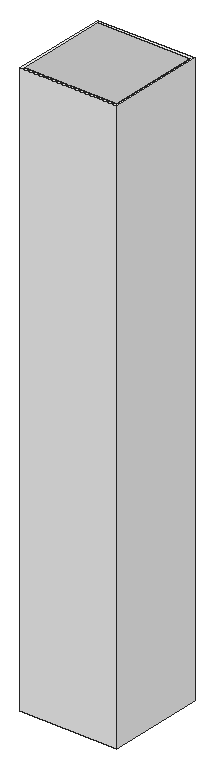
Revit family
Parameters (values of type "450 x 450")
  b = 400 mm
  Spessore Rivestimento [instance] = 10 mm
  Materiale pilastro [instance] = Cemento - Cemento rapido
  Assembly Code = ""
Types (5, lengths in mm): name | b | Spessore Rivestimento
  300 x 300 | 300 | 450
  450 x 450 | 400 | 10
  600 x 600 | 600 | 450
  750 x 750 | 750 | 450
  PILASTRO_LAB3M 40X40 | 400 | 450
Reference planes
  plane 1 "Centro (Fronte/Retro)": y = 0
  plane 2: z = 0
  plane 3 "Centro (Sinistra/Destra)": x = 0
  plane 4: x = -200
  plane 5: x = 200
  plane 6: y = 200
  plane 7: y = -200
  plane 8: x = -210
  plane 9: y = 210
  plane 10: x = 210
  plane 11: y = -210
Forms (mm)
  Extrusion 1, solid, material "Cemento - Cemento rapido" <- "Materiale pilastro"
    sketch origin (0, 0, 0) x (1, 0, 0) y (0, 1, 0)
      loop
        line (-200, 200) -> (-200, -200) -> (200, -200) -> (200, 200) -> (-200, 200)
    from 0 to 2500
  Extrusion 2, solid, material "Intonaco - Bianco"
    sketch origin (0, 0, 0) x (1, 0, 0) y (0, 1, 0)
      loop
        line (-210, 210) -> (-210, -210) -> (210, -210) -> (210, 210) -> (-210, 210)
    from 0 to 2500
Dimensions and locks
  equal spacing: plane 4, plane 3 "Centro (Sinistra/Destra)", plane 5
  equal spacing: plane 7, plane 1 "Centro (Fronte/Retro)", plane 6
  "b": plane 7 to plane 6
  "b": plane 4 to plane 5
  "Spessore Rivestimento": plane 8 to plane 4
  "Spessore Rivestimento": plane 5 to plane 10
  "Spessore Rivestimento": plane 7 to plane 11
  "Spessore Rivestimento": plane 9 to plane 6
  aligned and locked: plane 6 to Extrusion 1 sketch curve
  aligned and locked: Extrusion 1 sketch curve to plane 7
  aligned and locked: Extrusion 1 sketch curve to plane 4
  aligned and locked: plane 5 to Extrusion 1 sketch curve
  aligned and locked: level to Extrusion 1
  aligned and locked: level to plane 2
  aligned and locked: Extrusion 1 to plane 2
  aligned and locked: plane 8 to Extrusion 2 sketch curve
  aligned and locked: Extrusion 2 sketch curve to plane 9
  aligned and locked: plane 11 to Extrusion 2 sketch curve
  aligned and locked: Extrusion 2 sketch curve to plane 10
  aligned and locked: level to Extrusion 2
